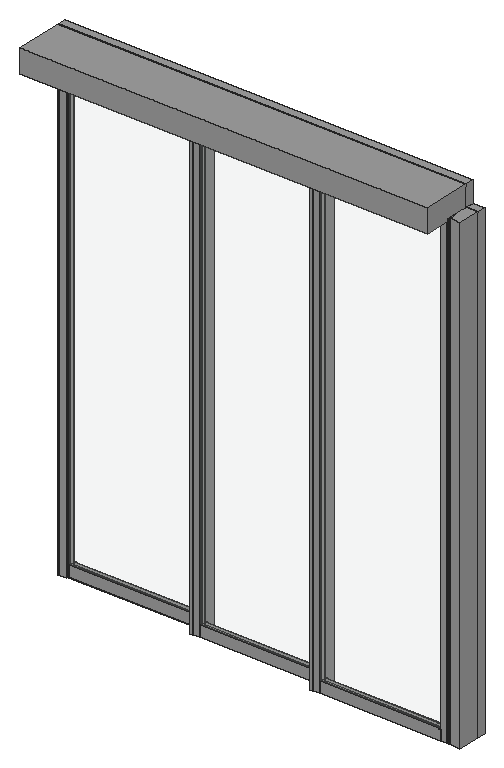
Revit family "agtatec_Record_SldngDrset_E-TSA-Telescopic_Standalone", category Doors, Revit 2015
Parameters (values of type "E-TSA-L 108 mm drive unit height - left - with side panel")
  WithoutDriveCladding(OnlyApplicableForTypesWithoutSidePanels) = not(WithDriveCladding)  # no
  Without side panels = and(not(Right Panel), not(Left Panel))  # no
  WithinStandardSizes = and(OpeningWidth > 799.90 mm, OpeningWidth < 3000.10 mm, ClearHeightOfPassage < 3000.10 mm, ClearHeightOfPassage > 1999.90 mm)  # yes
  WithDriveCladding = yes
  Weight = "Depends on configuration and size"
  WarrantyDurationUnit = "Depends on country"
  WallMountingProfile = yes
  Wall Opening Width = if(and(Right Panel, Left Panel), OpeningWidth + SidePanelWidthRight + SidePanelWidthLeft, if(Right Panel, OpeningWidth + SidePanelWidthRight, if(Left Panel, OpeningWidth + SidePanelWidthLeft, OpeningWidth)))  # 1900.00 mm
  Wall Mounting Right = and(WallMountingProfile, Right Panel)  # no
  Wall Mounting Left = and(WallMountingProfile, Left Panel)  # yes
  TotalWidth = if(Left Panel, SidePanelWidthLeft + OpeningWidth + 55.00 mm, if(Right Panel, SidePanelWidthRight + OpeningWidth + 55.00 mm, OpeningWidth + 99.00 mm))  # 1955.00 mm
  TotalHeight = ClearHeightOfPassage + DriveUnitHeight  # 2295.00 mm
  SustainabilityPerformance = "n/a"
  SupportLength = Support Length Right + Support Length Left  # 1900.00 mm
  Support Length Right = if(Right, SidePanelWidthRight + (OpeningWidth / 2) + DriveUnitExtraWidthRight, (OpeningWidth / 2))  # 600.00 mm
  Support Length Left = if(Left, SidePanelWidthLeft + (OpeningWidth / 2) + DriveUnitExtraWidthLeft, (OpeningWidth / 2))  # 1300.00 mm
  SidePanelWidthRight = (OpeningWidth / 2) + 100.00 mm + Extra Right  # 700.00 mm
  SidePanelWidthLeft = (OpeningWidth / 2) + 100.00 mm + Extra Left  # 700.00 mm
  ServiceLifeType = "n/a"
  SecurityRating = "None"
  Right Profile = no
  Right Panel = no
  Right = no
  Revision = "n/a"
  ProductInformation = "www.agta-record.com"
  Process = "n/a"
  PassageMountingProfile(OnlyApplicableForTypesWithTwoSidePanels) = not(WallMountingProfile)  # no
  Passage Mounting Right = and([PassageMountingProfile(OnlyApplicableForTypesWithTwoSidePanels)], Right Panel)  # no
  Passage Mounting Left = and([PassageMountingProfile(OnlyApplicableForTypesWithTwoSidePanels)], Left Panel)  # no
  PanelHeight = ClearHeightOfPassage + 13.00 mm  # 2200.00 mm
  PanelFrames = agtatec_Record_Sliding Door, Aluminium
  PanelFill = agtatec_Record_Sliding Door, Laminated Safety Glass (Clear)
  Outer Panel Width Right = SidePanelWidthRight - 27.00 mm  # 673.00 mm
  Outer Panel Width Left = SidePanelWidthLeft - 27.00 mm  # 673.00 mm
  OpeningWidth = 1200.00 mm
  Name = "SldngDrset_E-TSA-Telescopic_Standalone_Record"
  NBSTypeID = "n/a"
  NBSReference = "25-50-20/175"
  NBSOfficeMasterTag = "n/a"
  NBSNote = "n/a"
  NBSDescription = "Sliding Doorset"
  NBSCertification = "n/a"
  ModelNumber = "n/a"
  ModelLabel = "n/a"
  MethodOfMeasurement = "n/a"
  ManufacturerName = "Record"
  Left Profile = yes
  Left Panel = yes
  Left = yes
  InterlancingProfileRight = and(WithDriveCladding, Right, not(Right Panel))  # no
  InterlancingProfileLeft = and(WithDriveCladding, Left, not(Left Panel))  # no
  InstallationDate [instance] = "1900-12-31T23:59:59"
  Inner Panel Width 2 = (OpeningWidth / 2) + 20.00 mm  # 620.00 mm
  Inner Panel Width 1 = (OpeningWidth / 2) + 32.00 mm  # 632.00 mm
  IfcExportType = "Door"
  IfcExportAs = "IfcDoorStyle"
  Grade = "n/a"
  GlazingAreaFraction = "Depends on size. Can be calculated"
  FloorGuide = agtatec_Record_Sliding Door, Stainless Steel
  FireRating = "None"
  Fire Rating = "n/a"
  Features = "n/a"
  ExtraWidthRight = 0.00 mm
  ExtraWidthLeft = 0.00 mm
  Extra Width Total = 0.00 mm
  Extra Right = if(not(Right Panel), 0.00 mm, ExtraWidthRight)  # 0.00 mm
  Extra Left = if(not(Left Panel), 0.00 mm, ExtraWidthLeft)  # 0.00 mm
  ExpectedLife = "n/a"
  DurationUnit = "year"
  DriveUnitExtraWidthRight = 0.00 mm
  DriveUnitExtraWidthLeft = 0.00 mm
  Width = TotalWidth  # 1955.00 mm
  WarrantyStartDate [instance] = "1900-12-31T23:59:59"
  WarrantyGuarantorParts = "Local door manufacturer"
  WarrantyGuarantorLabour = "Local door manufacturer"
  WarrantyDurationParts = "Depends on country"
  WarrantyDurationLabour = "Depends on country"
  WarrantyDescription = "Depends on country"
  Version = "Version 1.0"
  Uniclass2 = "Ss_25_30_20_77"
  URL = "www.agta-record.com"
  Type Comments = "n/a"
  ThresholdStripping = "No additional required, part of the doorset"
  ThresholdRequired = yes
  ThermalTransmittance = 0
  TagNumber [instance] = "n/a"
  SmokeStop = no
  Size = "n/a"
  Shape = "Rectangular"
  ServiceLifeDuration = "10-15 years"
  SerialNumber [instance] = "n/a"
  SelfClosing = yes
  Rough Width = TotalWidth + 6.00 mm  # 1961.00 mm
  Rough Height = TotalHeight + 6.00 mm  # 2301.00 mm
  ReplacementCost = "Depends on the configuration and door type"
  ReferenceStandard = "EN16005, EN16361, DIN 18650, etc."
  Reference = "n/a"
  ProductionYear = "n/a"
  PassageWidthOptions = "n/a"
  Operation = "n/a"
  NominalWidth = TotalWidth  # 1955.00 mm
  NominalLength = 0.00 mm
  NominalHeight = TotalHeight  # 2295.00 mm
  ModelReference = "Depends on the configuration"
  Model = "record Telescopic Linear Slider"
  Material = "Aluminium"
  ManufacturerURL = "www.agta-record.com"
  Manufacturer = "info@recorduk.co.uk"
  LeafColourOptions = "All RAL, customer specific"
  Keynote = "n/a"
  IssueDate = "n/a"
  IsExternal = yes
  Interlancing Profile Height = PanelHeight - 5.00 mm  # 2195.00 mm
  Infiltration = "n/a"
  Height = TotalHeight  # 2295.00 mm
  HasDrive = yes
  HandicapAccessible = yes
  GlassType = "Part of glazing spec"
  GlassThickness2 = "6 mm (default)"
  GlassThickness1 = "6 mm (default)"
  GlassLayers = 2
  Function = Exterior
  FrameSeal = yes
  FrameProfile = "Aluminium"
  FrameMaterial = "Aluminium"
  FrameFinishOptions = "n/a"
  FireExit = no
  Finish = "Powder coated, Anodized, customer specific"
  ElectronicLock = yes
  DriveUnitHeight = 108.00 mm
  DriveUnit = agtatec_Record_Sliding Door, Sheet Metal (Painted Steel)
  Drive Depth 2 = if([WithoutDriveCladding(OnlyApplicableForTypesWithoutSidePanels)], 0.00 mm, 37.00 mm)  # 37.00 mm
  Drive Depth = if([WithoutDriveCladding(OnlyApplicableForTypesWithoutSidePanels)], 222.00 mm, 259.00 mm)  # 259.00 mm
  DoorsetOperation = "Automatic"
  DoorsetFasteners = "Screws"
  DoorSeal = "yes"
  DoorOpening = 0.00 mm
  DoorNumber = "n/a"
  DoorIncluded = yes
  Door Opening 2 = if(Door Opening 1 > 1.00 mm, (OpeningWidth / 2) + Door Opening 1 / 2, OpeningWidth / 2)  # 600.00 mm
  Door Opening 1 = if(DoorOpening > OpeningWidth, OpeningWidth, DoorOpening)  # 0.00 mm
  Documentation = "n/a"
  DocumentReference = "n/a"
  Distance to Wall = if([WithoutDriveCladding(OnlyApplicableForTypesWithoutSidePanels)], 20.00 mm, 57.00 mm)  # 57.00 mm
  Description = "Automatic Sliding Door"
  Cost = 0
  Controller = "n/a"
  Construction Type = "Automatic Sliding Door"
  Constituents = "n/a"
  Configuration = "1 or 2"
  Colour = "Customer specific"
  CodePerformance = "n/a"
  ClearanceZones = no
  ClearanceZoneRight = if(Left, (SupportLength / 2) + 55.00 mm, if(or(not(Right Panel), DriveUnitExtraWidthRight > 0.00 mm, not(WallMountingProfile)), SupportLength / 2, (SupportLength / 2) + 16.00 mm))  # 1005.00 mm
  ClearanceZoneLeft = if(Right, (SupportLength / 2) + 55.00 mm, if(or(not(Left Panel), DriveUnitExtraWidthLeft > 0.00 mm, not(WallMountingProfile)), SupportLength / 2, (SupportLength / 2) + 16.00 mm))  # 966.00 mm
  ClearHeightOfPassage = 2187.00 mm
  Cladding void = if(Without side panels, 3.00 mm, 35.00 mm)  # 35.00 mm
  Cladding profile = not([WithoutDriveCladding(OnlyApplicableForTypesWithoutSidePanels)])  # yes
  CenterOfDoor = if(Left, SidePanelWidthRight + (SupportLength / 2), (SupportLength / 2) - DriveUnitExtraWidthRight)  # 1650.00 mm
  Category = "n/a"
  BreakoutFacility = "n/a"
  BarCode [instance] = "n/a"
  BIMObjectName = "agtatec_Record_SlidingDoorset_E-TSA-Telescopic_Standalone"
  Author = "agtatec"
  AssetType = "n/a"
  AssetIdentifier [instance] = "n/a"
  Assembly Code = "B2030110"
  AntiFingerTrapRequirement = yes
  AlternativeDoorsetGlazing = "Part of glazing spec"
  AcousticRating = "None"
  AccessoryOptions = "Contact manufacturer"
  AccessibilityPerformance = "n/a"
Reference planes
  plane 1 "Center (Front/Back)": y = 0
  plane 2: z = 0
  plane 3 "Ex Center (Left/Right)": x = -574.503
  plane 4: z = 2295
  plane 5: z = 2187
  plane 6: z = 2315
  plane 7: x = 5.497
  plane 8 "Drive Unit Left": x = -1874.503
  plane 9: x = -1174.503
  plane 10: x = 25.497
  plane 11: y = -57
  plane 12: y = -109
  plane 13: x = -574.503
  plane 14: x = 25.497
  plane 15: x = -1874.503
  plane 16: x = 725.497
  plane 17: x = -586.503
  plane 18: x = -1206.503
  plane 19: x = -1186.503
  plane 20: y = -5
  plane 21: x = 37.497
  plane 22: x = -574.503
  plane 23: x = -1174.503
  plane 24: x = -562.503
  plane 25: x = 57.497
  plane 26: y = -40
  plane 27: y = -40
  plane 28: y = -367
  plane 29: y = -259
  plane 30: y = -5
  plane 31 "Drive Unit Right": x = 25.497
  plane 32 "Center (Left/Right)": x = -924.503
  plane 33: x = -1890.503
  plane 34: x = 80.497
Forms (mm)
  Extrusion 1, solid, material "agtatec_Record_Sliding Door, Aluminium" <- "PanelFrames", visible <- "Passage Mounting Left"
    sketch origin (0, 0, 0) x (1, 0, 0) y (0, 1, 0)
      loop
        line (-1874.503, 0) -> (-1874.503, -40) -> (-1834.503, -40) -> (-1834.503, -38) -> (-1871.503, -38) -> (-1871.503, -3) -> (-1834.503, -3) -> (-1834.503, 0) -> (-1874.503, 0)
    from 0 to 2187
  Extrusion 2, solid, material "agtatec_Record_Sliding Door, Aluminium" <- "PanelFrames", visible <- "Passage Mounting Right"
    sketch origin (0, 0, 0) x (1, 0, 0) y (0, 1, 0)
      loop
        line (725.497, 0) -> (685.497, 0) -> (685.497, -3) -> (722.497, -3) -> (722.497, -38) -> (685.497, -38) -> (685.497, -40) -> (725.497, -40) -> (725.497, 0)
    from 0 to 2187
  Extrusion 3, solid, material "agtatec_Record_Sliding Door, Aluminium" <- "PanelFrames", visible <- "Wall Mounting Right"
    sketch origin (0, 0, 0) x (1, 0, 0) y (0, 1, 0)
      loop
        line (685.497, 0) -> (685.497, -3) -> (722.497, -3) -> (722.497, -38) -> (685.497, -38) -> (685.497, -40) -> (725.497, -40) -> (725.497, -4) -> (741.497, -4) -> (741.497, 0) -> (685.497, 0)
    from 0 to 2187
  Extrusion 4, solid, material "agtatec_Record_Sliding Door, Aluminium" <- "PanelFrames", visible <- "Wall Mounting Left"
    sketch origin (0, 0, 0) x (1, 0, 0) y (0, 1, 0)
      loop
        line (-1834.503, 0) -> (-1890.503, 0) -> (-1890.503, -4) -> (-1874.503, -4) -> (-1874.503, -40) -> (-1834.503, -40) -> (-1834.503, -38) -> (-1871.503, -38) -> (-1871.503, -3) -> (-1834.503, -3) -> (-1834.503, 0)
    from 0 to 2187
  Extrusion 5, solid, material "agtatec_Record_Sliding Door, Sheet Metal (Painted Steel)" <- "DriveUnit"
    sketch origin (-1874.503, 0, -304.8) x (0, 0, -1) y (0, 1, 0)
      loop
        line (-2599.8, -37) -> (-2599.8, -259) -> (-2491.8, -259) -> (-2491.8, -149) -> (-2504.8, -149) -> (-2504.8, -54) -> (-2491.8, -54) -> (-2491.8, -37) -> (-2599.8, -37)
    from 0 to 1900
  Extrusion 6, solid, material "Clearance Zones", visible <- "ClearanceZones"
    sketch origin (-574.503, -66.514, 0) x (0, -1, 0) y (0, 0, 1)
      loop
        line (-66.514, 0) -> (300.486, 0) -> (300.486, 2315) -> (-66.514, 2315) -> (-66.514, 0)
    from -655 to 1316
  Extrusion 7, void
    sketch origin (-1868.247, -40, 1200) x (1, 0, 0) y (0, 0, -1)
      loop
        line (-6.256, -1000) -> (1893.744, -1000) -> (1893.744, -987) -> (-6.256, -987) -> (-6.256, -1000)
    from 0 to 35 <- "Cladding void"
  Extrusion 8, solid, material "agtatec_Record_Sliding Door, Sheet Metal (Painted Steel)" <- "DriveUnit", visible <- "Cladding profile"
    sketch origin (-574.503, -66.514, 0) x (0, -1, 0) y (0, 0, 1)
      loop
        line (-66.514, 2295) -> (-66.514, 2187) -> (-29.514, 2187) -> (-29.514, 2295) -> (-66.514, 2295)
    from -600 to 1300
Cuts and joins
  Extrusion 7 cuts Extrusion 8
Lines and regions (mm)
  Masking region 1, visible <- "Passage Mounting Left"
    outline origin (0, 0, 0) x (1, 0, 0) y (0, 1, 0)
      loop
        line (-1834.503, -3) -> (-1834.503, 0) -> (-1874.503, 0) -> (-1874.503, -40) -> (-1834.503, -40) -> (-1834.503, -38) -> (-1871.503, -38) -> (-1871.503, -3) -> (-1834.503, -3)
  Masking region 2, visible <- "Wall Mounting Left"
    outline origin (0, 0, 0) x (1, 0, 0) y (0, 1, 0)
      loop
        line (-1834.503, 0) -> (-1890.503, 0) -> (-1890.503, -4) -> (-1874.503, -4) -> (-1874.503, -40) -> (-1834.503, -40) -> (-1834.503, -38) -> (-1871.503, -38) -> (-1871.503, -3) -> (-1834.503, -3) -> (-1834.503, 0)
  Masking region 3, visible <- "Passage Mounting Right"
    outline origin (0, 0, 0) x (1, 0, 0) y (0, 1, 0)
      loop
        line (685.497, 0) -> (685.497, -3) -> (722.497, -3) -> (722.497, -38) -> (685.497, -38) -> (685.497, -40) -> (725.497, -40) -> (725.497, 0) -> (685.497, 0)
  Masking region 4, visible <- "Wall Mounting Right"
    outline origin (0, 0, 0) x (1, 0, 0) y (0, 1, 0)
      loop
        line (741.497, 0) -> (685.497, 0) -> (685.497, -3) -> (722.497, -3) -> (722.497, -38) -> (685.497, -38) -> (685.497, -40) -> (725.497, -40) -> (725.497, -4) -> (741.497, -4) -> (741.497, 0)
  symbolic lines
    curve 1: line (-749.503, 50, 0) -> (-399.503, 50, 0)
  symbolic lines, visible <- "Left"
    curve 2: line (-749.503, 50, 0) -> (-714.148, 85.355, 0)
    curve 3: line (-749.503, 50, 0) -> (-714.148, 14.645, 0)
  symbolic lines, visible <- "Right"
    curve 4: line (-399.503, 50, 0) -> (-434.859, 14.645, 0)
    curve 5: line (-399.503, 50, 0) -> (-434.859, 85.355, 0)
Text (mm)
  text "Right" at (-1678.087, 0, 3204.03), in view "Back"
  text "Left" at (1021.913, 0, 3204.03), in view "Back"
Dimensions and locks
  "DriveUnitHeight": plane 4 to plane 5
  "ClearHeightOfPassage": plane 5 to plane 2
  locked: plane 6 to plane 4 at 20
  equal spacing: plane 9, plane 3 "Ex Center (Left/Right)", plane 10
  "OpeningWidth": plane 9 to plane 10
  "Distance to Wall": plane 11 to plane 1 "Center (Front/Back)"
  locked: plane 11 to plane 12 at 52
  "Door Opening 1": plane 14 to plane 10
  "Door Opening 2": plane 13 to plane 10
  "SidePanelWidthLeft": plane 15 to plane 9
  "SidePanelWidthRight": plane 10 to plane 16
  locked: plane 17 to plane 13 at 12
  "Inner Panel Width 2": plane 18 to plane 17
  locked: plane 19 to plane 9 at 12
  locked: plane 10 to plane 21 at 12
  locked: plane 22 to plane 24 at 12
  "Door Opening 1": plane 9 to plane 23
  "Door Opening 2": plane 9 to plane 22
  "Inner Panel Width 2": plane 24 to plane 25
  locked: Extrusion 5 sketch curve to Extrusion 5 sketch curve at 110
  "Drive Depth": plane 1 "Center (Front/Back)" to plane 29
  "DriveUnitHeight": plane 29 to plane 28
  "Support Length Left": plane 8 "Drive Unit Left" to plane 3 "Ex Center (Left/Right)"
  "Support Length Right": plane 3 "Ex Center (Left/Right)" to plane 31 "Drive Unit Right"
  locked: Extrusion 4 sketch curve to plane 26 at 2
  locked: Extrusion 1 sketch curve to plane 26 at 2
  locked: Extrusion 3 sketch curve to plane 27 at 2
  locked: Extrusion 2 sketch curve to plane 27 at 2
  "Drive Depth 2": plane 1 "Center (Front/Back)" to Extrusion 5 sketch curve
  Extrusion 7 sketch curve to plane 5 = 13.00 mm
  locked: plane 1 "Center (Front/Back)" to Extrusion 8 sketch curve at 37
  curve 3 to plane 3 "Ex Center (Left/Right)" to curve 5 = 175.00 mm locked, 175.00 mm locked
  "CenterOfDoor": plane 32 "Center (Left/Right)" to plane 16
  "ClearanceZoneLeft": plane 33 to plane 32 "Center (Left/Right)"
  "ClearanceZoneRight": plane 32 "Center (Left/Right)" to plane 34
  aligned and locked: plane 2 to level
  aligned and locked: plane 12 to nested 1
  aligned and locked: plane 11 to nested 2
  aligned and locked: plane 14 to nested 1
  aligned and locked: nested 2 to plane 17
  aligned and locked: plane 19 to nested 3
  aligned and locked: nested 5 to plane 9
  aligned and locked: nested 6 to plane 11
  aligned and locked: nested 6 to plane 18
  aligned and locked: plane 11 to nested 7
  aligned and locked: nested 7 to plane 17
  aligned and locked: nested 8 to plane 12
  aligned and locked: nested 8 to nested 1
  aligned and locked: plane 20 to nested 3
  aligned and locked: nested 5 to plane 20
  aligned and locked: nested 4 to plane 20
  aligned and locked: nested 9 to plane 10
  aligned and locked: nested 4 to plane 21
  aligned and locked: plane 23 to nested 10
  aligned and locked: plane 12 to nested 11
  aligned and locked: nested 10 to plane 12
  aligned and locked: nested 11 to nested 10
  aligned and locked: nested 12 to plane 11
  aligned and locked: plane 11 to nested 13
  aligned and locked: nested 14 to plane 11
  aligned and locked: nested 14 to plane 22
  aligned and locked: plane 25 to nested 13
  aligned and locked: nested 12 to plane 25
  aligned and locked: plane 26 to Extrusion 1 sketch curve
  aligned and locked: plane 27 to Extrusion 2 sketch curve
  aligned and locked: plane 5 to Extrusion 1
  aligned and locked: plane 5 to Extrusion 2
  aligned and locked: plane 5 to Extrusion 4
  aligned and locked: plane 5 to Extrusion 3
  aligned and locked: plane 26 to Masking region 1 sketch curve
  aligned and locked: Extrusion 5 sketch curve to plane 29
  aligned and locked: Extrusion 5 to plane 31 "Drive Unit Right"
  aligned and locked: plane 26 to Extrusion 4 sketch curve
  aligned and locked: plane 26 to Masking region 2 sketch curve
  aligned and locked: plane 27 to Extrusion 3 sketch curve
  aligned and locked: Masking region 2 to Extrusion 4
  aligned and locked: Extrusion 6 sketch curve to plane 6
  aligned and locked: Extrusion 6 sketch curve to plane 28
  aligned and locked: Extrusion 5 to plane 8 "Drive Unit Left"
  aligned and locked: plane 31 "Drive Unit Right" to Extrusion 7 sketch curve
  aligned and locked: plane 8 "Drive Unit Left" to Extrusion 7 sketch curve
  aligned and locked: Extrusion 7 sketch curve to plane 5
  aligned and locked: plane 5 to Extrusion 8 sketch curve
  aligned and locked: Extrusion 8 to plane 31 "Drive Unit Right"
  aligned and locked: Extrusion 8 to plane 8 "Drive Unit Left"
  aligned and locked: Extrusion 6 to plane 33
  aligned and locked: plane 34 to Extrusion 6
Automatic sketch dimensions
  plane 1 "Center (Front/Back)" to Extrusion 1 sketch curve = 0.00 mm
  Extrusion 1 sketch curve to plane 15 = 0.00 mm
  Extrusion 1 sketch curve to plane 15 = 3.00 mm
  Extrusion 1 sketch curve to Extrusion 1 sketch curve = 37.00 mm  (x2)
  plane 20 to Extrusion 1 sketch curve = 2.00 mm
  plane 1 "Center (Front/Back)" to Extrusion 2 sketch curve = 0.00 mm
  Extrusion 2 sketch curve to plane 16 = 0.00 mm
  Extrusion 2 sketch curve to plane 16 = 3.00 mm
  plane 20 to Extrusion 2 sketch curve = 2.00 mm
  Extrusion 2 sketch curve to Extrusion 2 sketch curve = 37.00 mm
  Extrusion 2 sketch curve to Extrusion 2 sketch curve = 0.00 mm
  plane 1 "Center (Front/Back)" to Extrusion 3 sketch curve = 0.00 mm
  Extrusion 3 sketch curve to plane 16 = 0.00 mm
  Extrusion 3 sketch curve to plane 16 = 3.00 mm
  Extrusion 3 sketch curve to Extrusion 3 sketch curve = 37.00 mm
  Extrusion 3 sketch curve to Extrusion 3 sketch curve = 0.00 mm
  plane 16 to Extrusion 3 sketch curve = 16.00 mm
  plane 20 to Extrusion 3 sketch curve = 1.00 mm
  plane 20 to Extrusion 3 sketch curve = 2.00 mm
  plane 1 "Center (Front/Back)" to Extrusion 4 sketch curve = 0.00 mm
  Extrusion 4 sketch curve to plane 15 = 0.00 mm
  plane 20 to Extrusion 4 sketch curve = 1.00 mm
  Extrusion 4 sketch curve to Extrusion 4 sketch curve = 16.00 mm
  Extrusion 4 sketch curve to plane 15 = 3.00 mm
  Extrusion 4 sketch curve to Extrusion 4 sketch curve = 37.00 mm  (x2)
  plane 20 to Extrusion 4 sketch curve = 2.00 mm
  Extrusion 6 sketch curve to level = 0.00 mm
  Extrusion 6 sketch curve to plane 1 "Center (Front/Back)" = 0.00 mm
  Masking region 1 sketch curve to plane 15 = 0.00 mm
  plane 1 "Center (Front/Back)" to Masking region 1 sketch curve = 0.00 mm
  Masking region 1 sketch curve to plane 15 = 3.00 mm
  plane 26 to Masking region 1 sketch curve = 2.00 mm
  Masking region 1 sketch curve to Masking region 1 sketch curve = 37.00 mm  (x2)
  plane 20 to Masking region 1 sketch curve = 2.00 mm
  plane 1 "Center (Front/Back)" to Masking region 2 sketch curve = 0.00 mm
  Masking region 2 sketch curve to plane 15 = 0.00 mm
  plane 20 to Masking region 2 sketch curve = 1.00 mm
  Masking region 2 sketch curve to Masking region 2 sketch curve = 16.00 mm
  Masking region 2 sketch curve to plane 15 = 3.00 mm
  plane 26 to Masking region 2 sketch curve = 2.00 mm
  Masking region 2 sketch curve to Masking region 2 sketch curve = 37.00 mm  (x2)
  plane 20 to Masking region 2 sketch curve = 2.00 mm
  plane 1 "Center (Front/Back)" to Masking region 3 sketch curve = 0.00 mm
  plane 26 to Masking region 3 sketch curve = 0.00 mm
  Masking region 3 sketch curve to plane 16 = 0.00 mm
  Masking region 3 sketch curve to plane 16 = 3.00 mm
  Masking region 3 sketch curve to Masking region 3 sketch curve = 37.00 mm
  Masking region 3 sketch curve to Masking region 3 sketch curve = 0.00 mm
  plane 26 to Masking region 3 sketch curve = 2.00 mm
  plane 20 to Masking region 3 sketch curve = 2.00 mm
  plane 1 "Center (Front/Back)" to Masking region 4 sketch curve = 0.00 mm
  plane 26 to Masking region 4 sketch curve = 0.00 mm
  Masking region 4 sketch curve to plane 16 = 0.00 mm
  Masking region 4 sketch curve to plane 16 = 3.00 mm
  plane 26 to Masking region 4 sketch curve = 2.00 mm
  Masking region 4 sketch curve to Masking region 4 sketch curve = 37.00 mm
  plane 20 to Masking region 4 sketch curve = 2.00 mm
  Masking region 4 sketch curve to Masking region 4 sketch curve = 0.00 mm
  plane 16 to Masking region 4 sketch curve = 16.00 mm
  plane 20 to Masking region 4 sketch curve = 1.00 mm
  curve 1 to curve 3 = 50.00 mm
  curve 2 to curve 5 = 279.289 mm
  curve 5 to curve 4 = 70.711 mm
  curve 5 to curve 1 = 50.00 mm
  curve 3 to curve 4 = 279.289 mm
  curve 5 to curve 5 = 50.00 mm
  curve 3 to curve 2 = 50.00 mm
  curve 3 to curve 2 = 35.355 mm  (x2)
  curve 3 to plane 1 "Center (Front/Back)" = 14.645 mm
  curve 4 to plane 1 "Center (Front/Back)" = 14.645 mm
  curve 5 to curve 4 = 0.00 mm
  curve 4 to curve 5 = 35.355 mm
  curve 1 to curve 5 = 35.355 mm
  Extrusion 8 sketch curve to plane 1 "Center (Front/Back)" = 0.00 mm
  Extrusion 8 sketch curve to plane 4 = 0.00 mm
  Extrusion 5 sketch curve to plane 4 = 0.00 mm
  Extrusion 5 sketch curve to plane 5 = 0.00 mm  (x2)
  plane 11 to Extrusion 5 sketch curve = 3.00 mm
  plane 5 to Extrusion 5 sketch curve = 13.00 mm
Nested families
  nested 1: "Inner Panel 1" at (25.497, -109, 0) x (-1, 0, 0) z (0, 0, 1), visible <- "Left", type "Inner Panel 1"
  nested 2: "Inner Panel 2" at (-586.503, -57, 0) x (-1, 0, 0) z (0, 0, 1), visible <- "Left", type "Inner Panel 2"
    with Inner Panel Width 620.00 mm
  nested 3: "Outer Panel" at (-1186.503, -5, 0) x (-1, 0, 0) z (0, 0, 1), visible <- "Left Panel", type "Left Panel"
    with Outer Panel Width 673.00 mm
  nested 4: "Outer Panel" at (37.497, -5, 0), visible <- "Right Panel", type "Right Panel"
    with Outer Panel Width 673.00 mm
  nested 5: "Interlacing profile - Outer" at (-1186.503, -37, 5) x (0, -1, 0) z (0, 0, 1), type "Left"
  nested 6: "Interlacing profile - Inner" at (-1206.503, -57, 5) x (0, 1, 0) z (0, 0, 1), visible <- "Left", type "Left"
  nested 7: "Interlacing profile - Inner" at (-586.503, -89, 5) x (0, -1, 0) z (0, 0, 1), visible <- "Left", type "Inner"
  nested 8: "Interlacing profile - Inner" at (-606.503, -109, 5) x (0, 1, 0) z (0, 0, 1), visible <- "Left", type "Inner"
  nested 9: "Interlacing profile - Outer" at (37.497, -37, 5) x (0, -1, 0) z (0, 0, 1), type "Right"
    with Side Panel no, Opposite Panel yes, Interlacing profile 2 yes, Interlacing profile 1 no
  nested 10: "Inner Panel 1" at (-1174.503, -109, 0), visible <- "Right", type "Inner Panel 1"
  nested 11: "Interlacing profile - Inner" at (-542.503, -109, 5) x (0, 1, 0) z (0, 0, 1), visible <- "Right", type "Inner"
  nested 12: "Inner Panel 2" at (-562.503, -57, 0), visible <- "Right", type "Inner Panel 2"
    with Inner Panel Width 620.00 mm
  nested 13: "Interlacing profile - Inner" at (57.497, -57, 5) x (0, 1, 0) z (0, 0, 1), visible <- "Right", type "Right"
    with Side Panel no, Interlacing profile 4 yes, Interlacing profile 1 no
  nested 14: "Interlacing profile - Inner" at (-562.503, -89, 5) x (0, -1, 0) z (0, 0, 1), visible <- "Right", type "Inner"
Definition of nested family "Inner Panel 1"
  Parameters
    Panel Height = 2200.00 mm
    Panel Glass = none
    Panel Frames = none
    Inner Panel Width = 632.00 mm
  Reference planes
    plane 1 "Center (Front/Back)": y = 0
    plane 2: z = 0
    plane 3 "Center (Left/Right)": x = 0
    plane 4: x = 632
    plane 5: z = 2200
    plane 6: x = 600
    plane 7: x = 37
    plane 8: z = 2181
    plane 9 "Above": z = 42
    plane 10: x = 613.5
    plane 11: x = 23.5
    plane 12: z = 5
    plane 13: x = 622
    plane 14: x = 5
  Forms (mm)
    Extrusion 1, solid, material <- "Panel Frames"
      sketch origin (0, 0, 0) x (1, 0, 0) y (0, 1, 0)
        loop
          line (5, 0) -> (37, 0) -> (37, 2.5) -> (21, 2.5) -> (21, 29.5) -> (37, 29.5) -> (37, 32) -> (5, 32) -> (5, 0)
      from 5 to 2200
    Extrusion 2, solid, material <- "Panel Frames"
      sketch origin (591.5, 0, 0) x (-1, 0, 0) y (0, -1, 0)
        loop
          line (-40.5, 0) -> (-40.5, -32) -> (-8.5, -32) -> (-8.5, -29.5) -> (-24.5, -29.5) -> (-24.5, -2.5) -> (-8.5, -2.5) -> (-8.5, 0) -> (-40.5, 0)
      from 5 to 2200
    Extrusion 3, solid, material <- "Panel Frames"
      sketch origin (-55, 0, 0) x (0, 1, 0) y (0, 0, 1)
        loop
          line (0, 5) -> (14.65, 5) -> (14.65, 26) -> (17.35, 26) -> (17.35, 5) -> (32, 5) -> (32, 55) -> (29.5, 55) -> (29.5, 39) -> (2.5, 39) -> (2.5, 55) -> (0, 55) -> (0, 5)
      from 92 to 655
    Extrusion 4, solid, material <- "Panel Frames"
      sketch origin (75, 0, 0) x (0, 1, 0) y (0, 0, 1)
        loop
          line (0, 2200) -> (0, 2168) -> (2.5, 2168) -> (2.5, 2184) -> (29.5, 2184) -> (29.5, 2168) -> (32, 2168) -> (32, 2200) -> (0, 2200)
      from -38 to 525
    Extrusion 5, solid, material <- "Panel Glass"
      sketch origin (0, 0, 0) x (1, 0, 0) y (0, 1, 0)
        loop
          line (23.5, 28) -> (23.5, 4) -> (613.5, 4) -> (613.5, 28) -> (23.5, 28)
      from 42 to 2181
    Extrusion 6, solid, material <- "Panel Frames"
      sketch origin (0, 0, 0) x (1, 0, 0) y (0, 1, 0)
        loop
          line (0, 32) -> (0, 0) -> (5, 0) -> (5, 32) -> (0, 32)
      from 5 to 2200
  Lines and regions (mm)
    Masking region 1
      outline origin (0, 0, 0) x (1, 0, 0) y (0, 1, 0)
        loop
          line (632, 32) -> (0, 32) -> (0, 0) -> (622, 0) -> (632, 0) -> (632, 32)
    symbolic lines, detail levels fine
      curve 1: line (37, 28, 42) -> (600, 28, 42)
      curve 2: line (37, 4, 42) -> (600, 4, 42)
      curve 6: line (600, 29.5, 42) -> (616, 29.5, 42)
      curve 7: line (616, 29.5, 42) -> (616, 2.5, 42)
      curve 8: line (616, 2.5, 42) -> (600, 2.5, 42)
      curve 9: line (600, 4, 42) -> (613.5, 4, 42)
      curve 10: line (613.5, 4, 42) -> (613.5, 28, 42)
      curve 11: line (613.5, 28, 42) -> (600, 28, 42)
      curve 12: line (37, 29.5, 42) -> (21, 29.5, 42)
      curve 13: line (21, 29.5, 42) -> (21, 2.5, 42)
      curve 14: line (21, 2.5, 42) -> (37, 2.5, 42)
      curve 15: line (37, 4, 42) -> (23.5, 4, 42)
      curve 16: line (23.5, 4, 42) -> (23.5, 28, 42)
      curve 17: line (23.5, 28, 42) -> (37, 28, 42)
    symbolic lines, detail levels medium+fine
      curve 3: line (37, 32, 42) -> (37, 29.5, 42)
      curve 4: line (600, 0, 42) -> (600, 2.5, 42)
      curve 18: line (600, 29.5, 42) -> (600, 32, 42)
      curve 21: line (37, 2.5, 42) -> (37, 0, 42)
    symbolic lines
      curve 5: line (5, 32, 42) -> (5, 0, 42)
      curve 22: line (600, 0, 1084) -> (564.645, 0, 1119.355)
      curve 23: line (600, 0, 1084) -> (564.645, 0, 1048.645)
      curve 24: line (37, 0, 1084) -> (600, 0, 1084)
    symbolic lines, detail levels medium
      curve 19: line (600, 2.5, 42) -> (600, 29.5, 42)
      curve 20: line (37, 29.5, 42) -> (37, 2.5, 42)
  Dimensions and locks
    "Panel Height": plane 5 to plane 2
    "Inner Panel Width": plane 4 to plane 3 "Center (Left/Right)"
    locked: plane 7 to plane 3 "Center (Left/Right)" at 37
    locked: plane 6 to plane 4 at 32
    locked: plane 5 to plane 8 at 19
    locked: plane 9 "Above" to level at 42
    locked: plane 4 to plane 10 at 18.5
    locked: plane 11 to plane 3 "Center (Left/Right)" at 23.5
    locked: plane 13 to plane 4 at 10
    locked: plane 14 to plane 3 "Center (Left/Right)" at 5
    equal spacing: Extrusion 4, curve 24, level
    aligned and locked: plane 2 to level
    aligned and locked: plane 5 to Extrusion 2
    aligned and locked: plane 5 to Extrusion 1
    aligned and locked: Extrusion 1 to Extrusion 2
    aligned and locked: Extrusion 4 to plane 7
    aligned and locked: Extrusion 4 to plane 6
    aligned and locked: Extrusion 3 to plane 7
    aligned and locked: Extrusion 3 to plane 6
    aligned and locked: plane 8 to Extrusion 5
    aligned and locked: Extrusion 5 to plane 9 "Above"
    aligned and locked: Extrusion 5 to plane 10
    aligned and locked: Extrusion 5 to plane 11
    aligned and locked: Extrusion 1 to Extrusion 3
    aligned and locked: Extrusion 3 to Extrusion 2
    aligned and locked: Masking region 1 sketch curve to plane 4
    aligned and locked: Masking region 1 sketch curve to plane 3 "Center (Left/Right)"
    aligned and locked: curve 4 to plane 6
    aligned and locked: curve 3 to plane 7
    aligned and locked: Masking region 1 to Extrusion 1
    aligned and locked: plane 7 to Extrusion 1  (x2)
    aligned and locked: plane 6 to Extrusion 2  (x2)
    aligned and locked: curve 1 to Extrusion 5
    aligned and locked: Extrusion 5 to curve 2
    aligned and locked: Extrusion 1 sketch curve to plane 14
    aligned and locked: Extrusion 1 to plane 14
    aligned and locked: Extrusion 6 sketch curve to plane 14
    aligned and locked: plane 3 "Center (Left/Right)" to Extrusion 6 sketch curve
    aligned and locked: plane 5 to Extrusion 6
  Automatic sketch dimensions
    Extrusion 1 sketch curve to plane 7 = 0.00 mm  (x2)
    plane 1 "Center (Front/Back)" to Extrusion 1 sketch curve = 0.00 mm
    Extrusion 1 sketch curve to plane 11 = 2.50 mm
    Extrusion 1 sketch curve to plane 1 "Center (Front/Back)" = 2.50 mm
    Extrusion 1 sketch curve to Extrusion 1 sketch curve = 27.00 mm
    Extrusion 1 sketch curve to Extrusion 1 sketch curve = 2.50 mm
    Extrusion 2 sketch curve to plane 4 = 0.00 mm
    Extrusion 2 sketch curve to plane 6 = 0.00 mm  (x2)
    plane 1 "Center (Front/Back)" to Extrusion 2 sketch curve = 0.00 mm
    plane 10 to Extrusion 2 sketch curve = 2.50 mm
    Extrusion 2 sketch curve to Extrusion 2 sketch curve = 2.50 mm  (x2)
    Extrusion 2 sketch curve to Extrusion 2 sketch curve = 27.00 mm
    Extrusion 3 sketch curve to plane 1 "Center (Front/Back)" = 0.00 mm
    Extrusion 3 sketch curve to plane 12 = 0.00 mm  (x2)
    Extrusion 3 sketch curve to plane 1 "Center (Front/Back)" = 2.50 mm
    Extrusion 3 sketch curve to Extrusion 3 sketch curve = 14.65 mm
    Extrusion 3 sketch curve to Extrusion 3 sketch curve = 2.70 mm
    plane 9 "Above" to Extrusion 3 sketch curve = 13.00 mm  (x2)
    Extrusion 3 sketch curve to Extrusion 3 sketch curve = 27.00 mm
    Extrusion 3 sketch curve to Extrusion 3 sketch curve = 2.50 mm
    Extrusion 3 sketch curve to Extrusion 3 sketch curve = 21.00 mm
    Extrusion 3 sketch curve to plane 9 "Above" = 3.00 mm
    Extrusion 4 sketch curve to plane 1 "Center (Front/Back)" = 0.00 mm
    Extrusion 4 sketch curve to plane 5 = 0.00 mm
    Extrusion 4 sketch curve to plane 1 "Center (Front/Back)" = 2.50 mm
    plane 8 to Extrusion 4 sketch curve = 3.00 mm
    Extrusion 4 sketch curve to Extrusion 4 sketch curve = 27.00 mm
    Extrusion 4 sketch curve to Extrusion 4 sketch curve = 32.00 mm
    Extrusion 4 sketch curve to plane 8 = 13.00 mm  (x2)
    Extrusion 5 sketch curve to plane 11 = 0.00 mm
    Extrusion 5 sketch curve to plane 10 = 0.00 mm
    Extrusion 5 sketch curve to plane 1 "Center (Front/Back)" = 4.00 mm
    Extrusion 5 sketch curve to Extrusion 5 sketch curve = 24.00 mm
    plane 1 "Center (Front/Back)" to Masking region 1 sketch curve = 0.00 mm
    Masking region 1 sketch curve to plane 13 = 0.00 mm
    Masking region 1 sketch curve to plane 1 "Center (Front/Back)" = 32.00 mm
    curve 9 to plane 10 = 0.00 mm
    curve 17 to plane 11 = 0.00 mm
    curve 5 to plane 14 = 0.00 mm
    plane 1 "Center (Front/Back)" to curve 5 = 0.00 mm
    plane 1 "Center (Front/Back)" to curve 21 = 0.00 mm
    plane 1 "Center (Front/Back)" to curve 4 = 0.00 mm
    curve 6 to plane 10 = 2.50 mm
    curve 13 to plane 11 = 2.50 mm
    curve 16 to curve 1 = 0.00 mm
    curve 12 to curve 16 = 1.50 mm
    curve 6 to curve 1 = 1.50 mm
    curve 5 to curve 12 = 2.50 mm
    curve 3 to curve 3 = 2.50 mm
    curve 18 to curve 6 = 2.50 mm
    curve 11 to curve 1 = 0.00 mm
    curve 10 to plane 1 "Center (Front/Back)" = 4.00 mm
    curve 16 to plane 1 "Center (Front/Back)" = 4.00 mm
    curve 14 to plane 1 "Center (Front/Back)" = 2.50 mm
    curve 8 to plane 1 "Center (Front/Back)" = 2.50 mm
    plane 1 "Center (Front/Back)" to Extrusion 6 sketch curve = 0.00 mm
    Extrusion 6 sketch curve to plane 1 "Center (Front/Back)" = 32.00 mm
    plane 6 to curve 23 = 35.355 mm
    curve 23 to curve 24 = 35.355 mm
    curve 24 to curve 22 = 35.355 mm
    curve 24 to plane 7 = 0.00 mm
    plane 6 to curve 24 = 0.00 mm
Definition of nested family "Inner Panel 2"
  Parameters
    Panel Height = 2200.00 mm
    Panel Glass = none
    Panel Frames = none
    Inner Panel Width = 600.00 mm
  Reference planes
    plane 1 "Center (Front/Back)": y = 0
    plane 2: z = 0
    plane 3 "Center (Left/Right)": x = 0
    plane 4: x = 600
    plane 5: z = 2200
    plane 6: x = 568
    plane 7: x = 32
    plane 8: z = 2181
    plane 9 "Above": z = 42
    plane 10: x = 581.5
    plane 11: x = 18.5
    plane 12: z = 5
    plane 13: x = 590
    plane 14: x = 10
  Forms (mm)
    Extrusion 1, solid, material <- "Panel Frames"
      sketch origin (0, 0, 0) x (1, 0, 0) y (0, 1, 0)
        loop
          line (0, 0) -> (32, 0) -> (32, 2.5) -> (16, 2.5) -> (16, 29.5) -> (32, 29.5) -> (32, 32) -> (0, 32) -> (0, 0)
      from 5 to 2200
    Extrusion 2, solid, material <- "Panel Frames"
      sketch origin (591.5, 0, 0) x (-1, 0, 0) y (0, -1, 0)
        loop
          line (-8.5, 0) -> (-8.5, -32) -> (23.5, -32) -> (23.5, -29.5) -> (7.5, -29.5) -> (7.5, -2.5) -> (23.5, -2.5) -> (23.5, 0) -> (-8.5, 0)
      from 5 to 2200
    Extrusion 3, solid, material <- "Panel Frames"
      sketch origin (-55, 0, 0) x (0, 1, 0) y (0, 0, 1)
        loop
          line (0, 5) -> (14.65, 5) -> (14.65, 26) -> (17.35, 26) -> (17.35, 5) -> (32, 5) -> (32, 55) -> (29.5, 55) -> (29.5, 39) -> (2.5, 39) -> (2.5, 55) -> (0, 55) -> (0, 5)
      from 87 to 623
    Extrusion 4, solid, material <- "Panel Frames"
      sketch origin (75, 0, 0) x (0, 1, 0) y (0, 0, 1)
        loop
          line (0, 2200) -> (0, 2168) -> (2.5, 2168) -> (2.5, 2184) -> (29.5, 2184) -> (29.5, 2168) -> (32, 2168) -> (32, 2200) -> (0, 2200)
      from -43 to 493
    Extrusion 5, solid, material <- "Panel Glass"
      sketch origin (0, 0, 0) x (1, 0, 0) y (0, 1, 0)
        loop
          line (18.5, 28) -> (18.5, 4) -> (581.5, 4) -> (581.5, 28) -> (18.5, 28)
      from 42 to 2181
  Lines and regions (mm)
    Masking region 1
      outline origin (0, 0, 0) x (1, 0, 0) y (0, 1, 0)
        loop
          line (600, 32) -> (10, 32) -> (0, 32) -> (0, 0) -> (590, 0) -> (600, 0) -> (600, 32)
    symbolic lines, detail levels fine
      curve 1: line (32, 28, 42) -> (568, 28, 42)
      curve 2: line (32, 4, 42) -> (568, 4, 42)
      curve 5: line (568, 29.5, 42) -> (584, 29.5, 42)
      curve 6: line (584, 29.5, 42) -> (584, 2.5, 42)
      curve 7: line (584, 2.5, 42) -> (568, 2.5, 42)
      curve 8: line (568, 4, 42) -> (581.5, 4, 42)
      curve 9: line (581.5, 4, 42) -> (581.5, 28, 42)
      curve 10: line (581.5, 28, 42) -> (568, 28, 42)
      curve 11: line (32, 29.5, 42) -> (16, 29.5, 42)
      curve 12: line (16, 29.5, 42) -> (16, 2.5, 42)
      curve 13: line (16, 2.5, 42) -> (32, 2.5, 42)
      curve 14: line (32, 4, 42) -> (18.5, 4, 42)
      curve 15: line (18.5, 4, 42) -> (18.5, 28, 42)
      curve 16: line (18.5, 28, 42) -> (32, 28, 42)
    symbolic lines, detail levels medium+fine
      curve 3: line (32, 32, 42) -> (32, 29.5, 42)
      curve 4: line (568, 0, 42) -> (568, 2.5, 42)
      curve 17: line (568, 29.5, 42) -> (568, 32, 42)
      curve 20: line (32, 2.5, 42) -> (32, 0, 42)
    symbolic lines, detail levels medium
      curve 18: line (568, 2.5, 42) -> (568, 29.5, 42)
      curve 19: line (32, 29.5, 42) -> (32, 2.5, 42)
    symbolic lines
      curve 21: line (32, 0, 1084) -> (568, 0, 1084)
      curve 22: line (568, 0, 1084) -> (532.645, 0, 1119.355)
      curve 23: line (568, 0, 1084) -> (532.645, 0, 1048.645)
  Dimensions and locks
    "Panel Height": plane 5 to plane 2
    "Inner Panel Width": plane 4 to plane 3 "Center (Left/Right)"
    plane 7 to plane 3 "Center (Left/Right)" = 32.00 mm
    locked: plane 6 to plane 4 at 32
    locked: plane 5 to plane 8 at 19
    locked: plane 9 "Above" to level at 42
    locked: plane 4 to plane 10 at 18.5
    plane 11 to plane 3 "Center (Left/Right)" = 18.50 mm
    locked: plane 13 to plane 4 at 10
    locked: plane 3 "Center (Left/Right)" to plane 14 at 10
    equal spacing: Extrusion 4, curve 21, level
    aligned and locked: plane 2 to level
    aligned and locked: plane 5 to Extrusion 2
    aligned and locked: plane 5 to Extrusion 1
    aligned and locked: Extrusion 1 to Extrusion 2
    aligned and locked: Extrusion 4 to plane 7
    aligned and locked: Extrusion 4 to plane 6
    aligned and locked: Extrusion 3 to plane 7
    aligned and locked: Extrusion 3 to plane 6
    aligned and locked: plane 8 to Extrusion 5
    aligned and locked: Extrusion 5 to plane 9 "Above"
    aligned and locked: Extrusion 5 to plane 10
    aligned and locked: Extrusion 5 to plane 11
    aligned and locked: Extrusion 1 to Extrusion 3
    aligned and locked: Extrusion 3 to Extrusion 2
    aligned and locked: Masking region 1 sketch curve to plane 4
    aligned and locked: Masking region 1 sketch curve to plane 3 "Center (Left/Right)"
    aligned and locked: curve 4 to plane 6
    aligned and locked: curve 3 to plane 7
    aligned and locked: Extrusion 1 to Masking region 1
    aligned and locked: plane 7 to Extrusion 1  (x2)
    aligned and locked: plane 6 to Extrusion 2  (x2)
    aligned and locked: curve 1 to Extrusion 5
    aligned and locked: Extrusion 5 to curve 2
  Automatic sketch dimensions
    plane 1 "Center (Front/Back)" to Masking region 1 sketch curve = 0.00 mm
    Masking region 1 sketch curve to Masking region 1 sketch curve = 32.00 mm
    plane 13 to Masking region 1 sketch curve = 0.00 mm
    Extrusion 2 sketch curve to plane 4 = 0.00 mm
    Extrusion 2 sketch curve to plane 10 = 13.50 mm  (x2)
    plane 1 "Center (Front/Back)" to Extrusion 2 sketch curve = 0.00 mm
    plane 1 "Center (Front/Back)" to Extrusion 2 sketch curve = 2.50 mm
    plane 4 to Extrusion 2 sketch curve = 16.00 mm
    Extrusion 2 sketch curve to Extrusion 2 sketch curve = 27.00 mm
    Extrusion 2 sketch curve to Extrusion 2 sketch curve = 2.50 mm
    plane 11 to Extrusion 1 sketch curve = 13.50 mm  (x2)
    plane 1 "Center (Front/Back)" to Extrusion 1 sketch curve = 0.00 mm
    Extrusion 1 sketch curve to plane 1 "Center (Front/Back)" = 2.50 mm
    Extrusion 1 sketch curve to Extrusion 1 sketch curve = 16.00 mm
    Extrusion 1 sketch curve to Extrusion 1 sketch curve = 27.00 mm
    Extrusion 1 sketch curve to Extrusion 1 sketch curve = 2.50 mm
    Extrusion 3 sketch curve to plane 1 "Center (Front/Back)" = 0.00 mm
    Extrusion 3 sketch curve to plane 12 = 0.00 mm  (x2)
    Extrusion 3 sketch curve to plane 1 "Center (Front/Back)" = 2.50 mm
    Extrusion 3 sketch curve to Extrusion 3 sketch curve = 14.65 mm
    Extrusion 3 sketch curve to Extrusion 3 sketch curve = 2.70 mm
    plane 9 "Above" to Extrusion 3 sketch curve = 13.00 mm  (x2)
    Extrusion 3 sketch curve to Extrusion 3 sketch curve = 27.00 mm
    Extrusion 3 sketch curve to Extrusion 3 sketch curve = 2.50 mm
    Extrusion 3 sketch curve to Extrusion 3 sketch curve = 21.00 mm
    Extrusion 3 sketch curve to plane 9 "Above" = 3.00 mm
    Extrusion 4 sketch curve to plane 1 "Center (Front/Back)" = 0.00 mm
    Extrusion 4 sketch curve to plane 5 = 0.00 mm
    Extrusion 4 sketch curve to plane 1 "Center (Front/Back)" = 2.50 mm
    plane 8 to Extrusion 4 sketch curve = 3.00 mm
    Extrusion 4 sketch curve to Extrusion 4 sketch curve = 27.00 mm
    Extrusion 4 sketch curve to Extrusion 4 sketch curve = 32.00 mm
    Extrusion 4 sketch curve to plane 8 = 13.00 mm  (x2)
    Extrusion 5 sketch curve to plane 11 = 0.00 mm
    Extrusion 5 sketch curve to plane 10 = 0.00 mm
    Extrusion 5 sketch curve to plane 1 "Center (Front/Back)" = 4.00 mm
    Extrusion 5 sketch curve to Extrusion 5 sketch curve = 24.00 mm
    curve 9 to plane 10 = 0.00 mm
    curve 16 to plane 11 = 0.00 mm
    plane 1 "Center (Front/Back)" to curve 4 = 0.00 mm
    plane 1 "Center (Front/Back)" to curve 20 = 0.00 mm
    curve 5 to plane 10 = 2.50 mm
    curve 12 to plane 11 = 2.50 mm
    curve 16 to curve 1 = 0.00 mm
    curve 11 to curve 1 = 1.50 mm
    curve 5 to curve 1 = 1.50 mm
    curve 17 to curve 5 = 2.50 mm
    curve 3 to curve 11 = 2.50 mm
    curve 10 to curve 1 = 0.00 mm
    curve 8 to curve 2 = 0.00 mm
    curve 15 to plane 1 "Center (Front/Back)" = 4.00 mm
    curve 13 to plane 1 "Center (Front/Back)" = 2.50 mm
    curve 8 to curve 7 = 1.50 mm
    plane 3 "Center (Left/Right)" to Extrusion 1 sketch curve = 0.00 mm
    Masking region 1 sketch curve to plane 14 = 0.00 mm
    curve 21 to plane 7 = 0.00 mm
    plane 6 to curve 22 = 0.00 mm
    plane 6 to curve 22 = 35.355 mm
    curve 23 to curve 21 = 35.355 mm
    curve 21 to curve 22 = 35.355 mm
Definition of nested family "Outer Panel"
  Parameters
    Panel Height = 2200.00 mm
    Panel Glass = none
    Panel Frames = none
    Outer Panel Width = 373.00 mm
  Reference planes
    plane 1 "Center (Front/Back)": y = 0
    plane 2: z = 0
    plane 3 "Center (Left/Right)": x = 0
    plane 4: x = 373
    plane 5: z = 2200
    plane 6: x = 341
    plane 7: x = 32
    plane 8: z = 2181
    plane 9 "Above": z = 42
    plane 10: x = 354.5
    plane 11: x = 18.5
    plane 12: y = 32
    plane 13: x = 10
  Forms (mm)
    Extrusion 1, solid, material <- "Panel Frames"
      sketch origin (0, 0, 0) x (1, 0, 0) y (0, 1, 0)
        loop
          line (0, 0) -> (32, 0) -> (32, 2.5) -> (16, 2.5) -> (16, 29.5) -> (32, 29.5) -> (32, 32) -> (0, 32) -> (0, 0)
      from 0 to 2200
    Extrusion 2, solid, material <- "Panel Frames"
      sketch origin (591.5, 0, 0) x (-1, 0, 0) y (0, -1, 0)
        loop
          line (218.5, 0) -> (218.5, -32) -> (250.5, -32) -> (250.5, -29.5) -> (234.5, -29.5) -> (234.5, -2.5) -> (250.5, -2.5) -> (250.5, 0) -> (218.5, 0)
      from 0 to 2200
    Extrusion 3, solid, material <- "Panel Frames"
      sketch origin (75, 0, 0) x (0, 1, 0) y (0, 0, 1)
        loop
          line (0, 2200) -> (0, 2168) -> (2.5, 2168) -> (2.5, 2184) -> (29.5, 2184) -> (29.5, 2168) -> (32, 2168) -> (32, 2200) -> (0, 2200)
      from -43 to 266
    Extrusion 4, solid, material <- "Panel Glass"
      sketch origin (0, 0, 0) x (1, 0, 0) y (0, 1, 0)
        loop
          line (18.5, 28) -> (18.5, 4) -> (354.5, 4) -> (354.5, 28) -> (18.5, 28)
      from 42 to 2181
    Extrusion 5, solid, material <- "Panel Frames"
      sketch origin (20, 0, 0) x (0, 1, 0) y (0, 0, 1)
        loop
          line (0, 5) -> (3.25, 5) -> (3.25, 0) -> (28.75, 0) -> (28.75, 5) -> (32, 5) -> (32, 55) -> (29.5, 55) -> (29.5, 39) -> (2.5, 39) -> (2.5, 55) -> (0, 55) -> (0, 5)
      from 12 to 321
  Lines and regions (mm)
    Masking region 1
      outline origin (0, 0, 0) x (1, 0, 0) y (0, 1, 0)
        loop
          line (0, 32) -> (0, 0) -> (373, 0) -> (373, 32) -> (10, 32) -> (0, 32)
    symbolic lines, detail levels medium+fine
      curve 1: line (341, 32, 42) -> (341, 29.5, 42)
      curve 2: line (32, 32, 42) -> (32, 29.5, 42)
      curve 18: line (341, 2.5, 42) -> (341, 0, 42)
      curve 20: line (32, 2.5, 42) -> (32, 0, 42)
    symbolic lines, detail levels fine
      curve 3: line (32, 28, 42) -> (341, 28, 42)
      curve 4: line (32, 4, 42) -> (341, 4, 42)
      curve 5: line (341, 29.5, 42) -> (357, 29.5, 42)
      curve 6: line (357, 29.5, 42) -> (357, 2.5, 42)
      curve 7: line (357, 2.5, 42) -> (341, 2.5, 42)
      curve 8: line (341, 28, 42) -> (354.5, 28, 42)
      curve 9: line (354.5, 28, 42) -> (354.5, 4, 42)
      curve 10: line (354.5, 4, 42) -> (341, 4, 42)
      curve 11: line (32, 29.5, 42) -> (16, 29.5, 42)
      curve 12: line (16, 29.5, 42) -> (16, 2.5, 42)
      curve 13: line (16, 2.5, 42) -> (32, 2.5, 42)
      curve 14: line (32, 4, 42) -> (18.5, 4, 42)
      curve 15: line (18.5, 4, 42) -> (18.5, 28, 42)
      curve 16: line (18.5, 28, 42) -> (32, 28, 42)
    symbolic lines, detail levels medium
      curve 17: line (341, 29.5, 42) -> (341, 2.5, 42)
      curve 19: line (32, 29.5, 42) -> (32, 2.5, 42)
  Dimensions and locks
    "Panel Height": plane 5 to plane 2
    locked: plane 7 to plane 3 "Center (Left/Right)" at 32
    locked: plane 6 to plane 4 at 32
    locked: plane 5 to plane 8 at 19
    locked: plane 9 "Above" to level at 42
    locked: plane 4 to plane 10 at 18.5
    locked: plane 11 to plane 3 "Center (Left/Right)" at 18.5
    "Outer Panel Width": plane 4 to plane 3 "Center (Left/Right)"
    locked: plane 3 "Center (Left/Right)" to plane 13 at 10
    aligned and locked: plane 2 to level
    aligned and locked: plane 5 to Extrusion 2
    aligned and locked: plane 5 to Extrusion 1
    aligned and locked: Extrusion 3 to plane 7
    aligned and locked: Extrusion 3 to plane 6
    aligned and locked: plane 8 to Extrusion 4
    aligned and locked: Extrusion 4 to plane 9 "Above"
    aligned and locked: Extrusion 4 to plane 10
    aligned and locked: Extrusion 4 to plane 11
    aligned and locked: Extrusion 1 to level
    aligned and locked: Extrusion 2 to level
    aligned and locked: Extrusion 5 to plane 6
    aligned and locked: Extrusion 5 to plane 7
    aligned and locked: Masking region 1 sketch curve to plane 4
  Automatic sketch dimensions
    Extrusion 1 sketch curve to plane 3 "Center (Left/Right)" = 0.00 mm
    Extrusion 1 sketch curve to plane 7 = 0.00 mm  (x2)
    plane 1 "Center (Front/Back)" to Extrusion 1 sketch curve = 0.00 mm
    Extrusion 1 sketch curve to plane 11 = 2.50 mm
    Extrusion 1 sketch curve to Extrusion 1 sketch curve = 2.50 mm  (x2)
    Extrusion 1 sketch curve to Extrusion 1 sketch curve = 27.00 mm
    Extrusion 2 sketch curve to plane 4 = 0.00 mm
    Extrusion 2 sketch curve to plane 6 = 0.00 mm  (x2)
    plane 1 "Center (Front/Back)" to Extrusion 2 sketch curve = 0.00 mm
    plane 10 to Extrusion 2 sketch curve = 2.50 mm
    Extrusion 2 sketch curve to Extrusion 2 sketch curve = 2.50 mm  (x2)
    Extrusion 2 sketch curve to Extrusion 2 sketch curve = 27.00 mm
    Extrusion 3 sketch curve to plane 1 "Center (Front/Back)" = 0.00 mm
    Extrusion 3 sketch curve to plane 5 = 0.00 mm
    Extrusion 3 sketch curve to plane 1 "Center (Front/Back)" = 2.50 mm
    plane 8 to Extrusion 3 sketch curve = 3.00 mm
    Extrusion 3 sketch curve to Extrusion 3 sketch curve = 27.00 mm
    Extrusion 3 sketch curve to Extrusion 3 sketch curve = 2.50 mm
    Extrusion 3 sketch curve to plane 8 = 13.00 mm  (x2)
    Extrusion 4 sketch curve to plane 11 = 0.00 mm
    Extrusion 4 sketch curve to plane 10 = 0.00 mm
    Extrusion 4 sketch curve to plane 1 "Center (Front/Back)" = 4.00 mm
    Extrusion 4 sketch curve to Extrusion 4 sketch curve = 24.00 mm
    Extrusion 5 sketch curve to plane 1 "Center (Front/Back)" = 0.00 mm
    Extrusion 5 sketch curve to level = 0.00 mm
    Extrusion 5 sketch curve to plane 1 "Center (Front/Back)" = 3.25 mm
    Extrusion 5 sketch curve to plane 1 "Center (Front/Back)" = 2.50 mm
    level to Extrusion 5 sketch curve = 5.00 mm
    Extrusion 5 sketch curve to Extrusion 5 sketch curve = 25.50 mm
    plane 9 "Above" to Extrusion 5 sketch curve = 13.00 mm  (x2)
    Extrusion 5 sketch curve to Extrusion 5 sketch curve = 27.00 mm
    Extrusion 5 sketch curve to Extrusion 5 sketch curve = 2.50 mm
    Extrusion 5 sketch curve to Extrusion 5 sketch curve = 5.00 mm
    Extrusion 5 sketch curve to plane 9 "Above" = 3.00 mm
    plane 1 "Center (Front/Back)" to Masking region 1 sketch curve = 0.00 mm
    curve 9 to plane 10 = 0.00 mm
    curve 3 to plane 6 = 0.00 mm
    curve 5 to plane 6 = 0.00 mm
    curve 4 to plane 7 = 0.00 mm
    curve 3 to plane 7 = 0.00 mm
    curve 15 to plane 11 = 0.00 mm
    plane 1 "Center (Front/Back)" to curve 18 = 0.00 mm
    plane 1 "Center (Front/Back)" to curve 20 = 0.00 mm
    curve 5 to plane 10 = 2.50 mm
    curve 11 to plane 11 = 2.50 mm
    curve 7 to plane 1 "Center (Front/Back)" = 2.50 mm
    curve 12 to plane 1 "Center (Front/Back)" = 2.50 mm
    curve 15 to curve 12 = 1.50 mm
    curve 4 to curve 14 = 0.00 mm
    curve 10 to curve 4 = 0.00 mm
    curve 16 to curve 14 = 24.00 mm
    curve 11 to curve 3 = 1.50 mm
    curve 5 to curve 3 = 1.50 mm
    curve 1 to curve 5 = 2.50 mm
    curve 2 to curve 11 = 2.50 mm
    Masking region 1 sketch curve to plane 3 "Center (Left/Right)" = 0.00 mm
    Masking region 1 sketch curve to plane 13 = 0.00 mm
    Masking region 1 sketch curve to plane 12 = 0.00 mm
Definition of nested family "Interlacing profile - Outer"
  Parameters
    Wall Mounting Option 2 = no
    Side Panel = yes
    Panel Frames = none
    Opposite Panel = no
    Interlancing Profile Height = 2195.00 mm
    Interlacing profile 5 = and(Wall Mounting Option 2, Opposite Panel)  # no
    Interlacing profile 4 = no
    Interlacing profile 3 = and(Wall Mounting Option 2, Side Panel)  # no
    Interlacing profile 2 = and(Opposite Panel, not(Interlacing profile 5), not(Interlacing profile 1))  # no
    Interlacing profile 1 = yes
  Reference planes
    plane 1 "Center (Front/Back)": y = 0
    plane 2: z = 0
    plane 3 "Center (Left/Right)": x = 0
    plane 4: z = 2195
    plane 5 "Above": z = 40
    plane 6: y = -12
    plane 7: x = -32
  Forms (mm)
    Extrusion 1, solid, material <- "Panel Frames", visible <- "Interlacing profile 1"
      sketch origin (0, 0, 0) x (1, 0, 0) y (0, 1, 0)
        loop
          line (0, 0) -> (-32, 0) -> (-32, -12) -> (17, -12) -> (17, 10) -> (0, 10) -> (0, 0)
      from 0 to 2195
    Extrusion 2, solid, material <- "Panel Frames", visible <- "Interlacing profile 2"
      sketch origin (0, 0, 0) x (1, 0, 0) y (0, 1, 0)
        loop
          line (-37, -7) -> (0, -7) -> (0, 43) -> (-37, 43) -> (-37, -7)
      from 0 to 2195
    Extrusion 3, solid, material <- "Panel Frames", visible <- "Interlacing profile 3"
      sketch origin (-37, 0, 0) x (1, 0, 0) y (0, 1, 0)
        loop
          line (17, 10) -> (1.7, 10) -> (1.7, 32) -> (0, 32) -> (0, -12) -> (17, -12) -> (17, 10)
      from 0 to 2195
    Extrusion 4, solid, material <- "Panel Frames", visible <- "Interlacing profile 2"
      sketch origin (0, 0, 0) x (-1, 0, 0) y (0, -1, 0)
        loop
          line (-104, 7) -> (-104, -43) -> (0, -43) -> (0, 7) -> (-104, 7)
      from 0 to 2195
    Extrusion 5, solid, material <- "Panel Frames", visible <- "Interlacing profile 2"
      sketch origin (0, -14, 0) x (-1, 0, 0) y (0, -1, 0)
        loop
          line (-104, -7) -> (-72, -7) -> (-72, -2) -> (-104, -2) -> (-104, -7)
      from 0 to 2195
    Extrusion 6, solid, material <- "Panel Frames", visible <- "Interlacing profile 4"
      sketch origin (0, 0, 0) x (1, 0, 0) y (0, 1, 0)
        loop
          line (-33.5, 7.5) -> (-33.5, 32) -> (-37, 32) -> (-37, -12) -> (17, -12) -> (17, 10) -> (4.45, 10) -> (4.45, 7.5) -> (-33.5, 7.5)
      from 0 to 2195
    Extrusion 7, solid, material <- "Panel Frames", visible <- "Interlacing profile 5"
      sketch origin (-37, 0, 0) x (-1, 0, 0) y (0, -1, 0)
        loop
          line (-104, 7) -> (-104, -43) -> (0, -43) -> (0, 7) -> (-104, 7)
      from 0 to 2195
    Extrusion 8, solid, material <- "Panel Frames", visible <- "Interlacing profile 5"
      sketch origin (-37, -14, 0) x (-1, 0, 0) y (0, -1, 0)
        loop
          line (-104, -7) -> (-72, -7) -> (-72, -2) -> (-104, -2) -> (-104, -7)
      from 0 to 2195
  Lines and regions (mm)
    Masking region 1, visible <- "Interlacing profile 1"
      outline origin (0, 0, 0) x (1, 0, 0) y (0, 1, 0)
        loop
          line (0, 10) -> (0, 0) -> (-32, 0) -> (-32, -12) -> (17, -12) -> (17, 10) -> (0, 10)
    Masking region 2, visible <- "Interlacing profile 2"
      outline origin (0, 0, 0) x (1, 0, 0) y (0, 1, 0)
        loop
          line (104, -12) -> (104, 43) -> (-37, 43) -> (-37, -7) -> (72, -7) -> (72, -12) -> (104, -12)
    Masking region 3, visible <- "Interlacing profile 3"
      outline origin (-37, 0, 0) x (1, 0, 0) y (0, 1, 0)
        loop
          line (17, 10) -> (1.7, 10) -> (1.7, 32) -> (0, 32) -> (0, -12) -> (17, -12) -> (17, 10)
    Masking region 4, visible <- "Interlacing profile 4"
      outline origin (0, 0, 0) x (1, 0, 0) y (0, 1, 0)
        loop
          line (-37, 32) -> (-37, -12) -> (17, -12) -> (17, 10) -> (4.45, 10) -> (4.45, 7.5) -> (-33.5, 7.5) -> (-33.5, 32) -> (-37, 32)
    Masking region 5, visible <- "Interlacing profile 5"
      outline origin (-37, 0, 0) x (1, 0, 0) y (0, 1, 0)
        loop
          line (104, -12) -> (104, 43) -> (0, 43) -> (0, -7) -> (72, -7) -> (72, -12) -> (104, -12)
    symbolic lines, visible <- "Interlacing profile 1", detail levels medium+fine
      curve 1: line (0, 10, 40) -> (0, 0, 40)
      curve 2: line (0, 0, 40) -> (-32, 0, 40)
    symbolic lines, visible <- "Interlacing profile 2"
      curve 3: line (0, 43, 40) -> (0, -7, 40)
      curve 4: line (72, -7, 40) -> (104, -7, 40)
    symbolic lines, visible <- "Interlacing profile 5"
      curve 5: line (35, -7, 40) -> (67, -7, 40)
  Dimensions and locks
    "Interlancing Profile Height": plane 4 to level
    aligned and locked: plane 4 to Extrusion 1
    aligned and locked: plane 4 to Extrusion 2
    aligned and locked: plane 4 to Extrusion 3
    aligned and locked: Extrusion 1 to plane 6
    aligned and locked: plane 4 to Extrusion 4
    aligned and locked: plane 4 to Extrusion 5
    aligned and locked: plane 4 to Extrusion 6
    aligned and locked: plane 4 to Extrusion 7
    aligned and locked: plane 4 to Extrusion 8
  Automatic sketch dimensions
    Extrusion 1 sketch curve to plane 6 = 0.00 mm
    Extrusion 1 sketch curve to plane 7 = 0.00 mm
    Extrusion 1 sketch curve to plane 3 "Center (Left/Right)" = 0.00 mm
    plane 1 "Center (Front/Back)" to Extrusion 1 sketch curve = 0.00 mm
    plane 3 "Center (Left/Right)" to Extrusion 1 sketch curve = 17.00 mm
    Extrusion 1 sketch curve to plane 1 "Center (Front/Back)" = 10.00 mm
    Masking region 1 sketch curve to plane 6 = 0.00 mm
    Masking region 1 sketch curve to plane 7 = 0.00 mm
    plane 1 "Center (Front/Back)" to Masking region 1 sketch curve = 0.00 mm
    Masking region 1 sketch curve to plane 3 "Center (Left/Right)" = 0.00 mm
    plane 3 "Center (Left/Right)" to Masking region 1 sketch curve = 17.00 mm
    Masking region 1 sketch curve to Masking region 1 sketch curve = 10.00 mm
    curve 3 to plane 3 "Center (Left/Right)" = 0.00 mm
    plane 1 "Center (Front/Back)" to curve 2 = 0.00 mm
    curve 2 to plane 3 "Center (Left/Right)" = 0.00 mm
    curve 2 to plane 7 = 0.00 mm
    plane 6 to curve 5 = 5.00 mm
    plane 3 "Center (Left/Right)" to curve 5 = 35.00 mm
    curve 5 to curve 5 = 32.00 mm
    curve 4 to curve 5 = 5.00 mm
    plane 6 to curve 4 = 5.00 mm
    curve 4 to curve 4 = 32.00 mm
